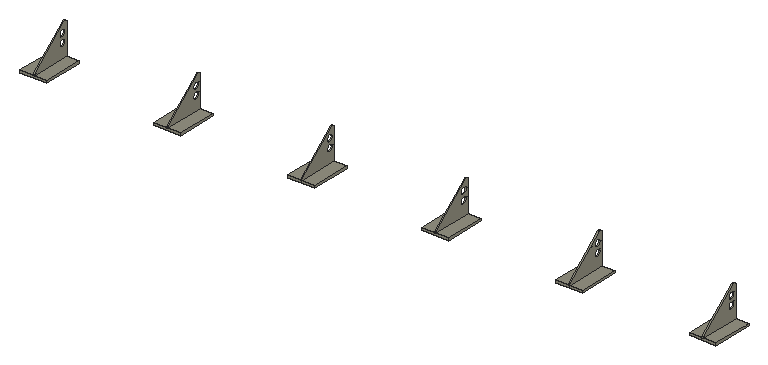
Revit family "Construction_Roof-Accessories_Alpine-SnowGuards_PP145", category Specialty Equipment, host Face, Revit 2019
Family settings
  Host = Face
  Round Connector Dimension = Use Diameter
  Part Type = Normal
  OmniClass Number = 23.35.20.31.27.14
  OmniClass Title = Snow Guards
  Cut with Voids When Loaded = No
  Shared = No
  Room Calculation Point = No
Parameters (values of type "Hi Hole")
  Z_Two Pipe = no
  Z_Two [instance] = Z_Length > Z_Horizontal Spacing  # yes
  Z_Three Pipe = no
  Z_Radius = 1/2"
  Z_One [instance] = not(Z_Array)  # no
  Z_Length [instance] = if(Length < Z_Horizontal Spacing, Z_Horizontal Spacing, Length)  # 100"
  Z_Horizontal Spacing [instance] = if(Horizontal Spacing < 2", 2", Horizontal Spacing)  # 20"
  Z_Hi Hole = yes
  Z_Array [instance] = and(Z_Length > Z_Horizontal Spacing * 2)  # yes
  URL = "https://www.alpinesnowguards.com/model/pp145?utm_source=bimobject&utm_medium=productlisting&utm_campaign=2022marketing"
  Snow Guard Count [instance] = if(Length < Horizontal Spacing, 1, if(and(Z_Length > Z_Horizontal Spacing, Z_Length < Z_Horizontal Spacing * 2), 2, Z_Number of Pads Control))  # 6
  Product data url = "https://www.bimobject.com/en-us/alpine-snowguards/product/pp125_two_or_three_pipe_snow_guard"
  Product Material = Alpine SnowGuards - Aluminium - Mill Finish
  Product Guid = "b3ae9e33-6d8b-4c7e-973e-2024b129b120"
  Z_Number of Pads Control [instance] = if(Z_Length / Z_Horizontal Spacing + 1 < 3, 3, rounddown(Z_Length / Z_Horizontal Spacing + 1))  # 6
  Pad Material = Alpine SnowGuards - Aluminium - Mill Finish
  Model = "PP145 - Hi Hole"
  Manufacturer = "Alpine SnowGuards"  # constant formula
  Length [instance] = 100"
  Keynote = "07720"
  Length Note [instance] = "To show a single SnowGuard set Length to 0"  # constant formula
  Horizontal Spacing = 20"
  Edition number = 1
  Description = "PP145 two or three, pipe-style snow guard bracket in aluminum. Includes 4 EPDM bushings and bonded washers for attachment."  # constant formula
  Default Elevation = 48"
  Assembly Code = "B3010"
Types (4): name | Z_Two Pipe | Z_Three Pipe | Z_Hi Hole | Product data url | Model
  (no name) | no | no | yes | "https://www.bimobject.com/en-us/alpine-snowguards/product/pp125_two_or_three_pipe_snow_guard" | "PP145 - Hi Hole"
  Two Pipe | yes | no | no | "https://www.bimobject.com/en-us/alpine-snowguards/product/pp145_two_or_three_pipe_snow_guard" | "PP145 - Two Pipe"
  Three Pipe | no | yes | no | "https://www.bimobject.com/en-us/alpine-snowguards/product/pp125_two_or_three_pipe_snow_guard" | "PP145 - Three Pipe"
  Hi Hole | no | no | yes | "https://www.bimobject.com/en-us/alpine-snowguards/product/pp125_two_or_three_pipe_snow_guard" | "PP145 - Hi Hole"
Reference planes (in)
  plane 1 "Center (Front/Back)": y = 0
  plane 2: z = 0
  plane 3 "Center (Left/Right)": x = 0
  plane 4: x = 100
  plane 5: z = 0
  plane 6: x = 20
Dimensions and locks (in)
  "Z_Length": plane 3 "Center (Left/Right)" to plane 4
  locked: plane 5 to plane 2 at 0
  "Z_Horizontal Spacing": plane 3 "Center (Left/Right)" to plane 6
  equal spacing: group 1, group 2, group 3, group 4, group 5, group 6  (x3)
  aligned and locked: host face to plane 2
  aligned and locked: level to host face
  aligned and locked: nested 1 to plane 1 "Center (Front/Back)"
  aligned and locked: nested 1 to plane 3 "Center (Left/Right)"
  aligned and locked: nested 2 to plane 6
  aligned and locked: nested 2 to plane 1 "Center (Front/Back)"
  aligned and locked: nested 4 to plane 1 "Center (Front/Back)"
  aligned and locked: nested 5 to plane 1 "Center (Front/Back)"
  aligned and locked: nested 4 to plane 3 "Center (Left/Right)"
  aligned and locked: nested 5 to plane 6
  aligned and locked: nested 1 to level
  aligned and locked: nested 4 to level
  aligned and locked: nested 5 to level
Automatic sketch dimensions
  host sketch curve to host sketch curve = 135.21334"
  host sketch curve to host sketch curve = 96"
Nested families (in)
  nested 1: "Construction_Roof-Accessories_Alpine-SnowGuards_Pad-PP145" at (0, -5.35561, -0.125) x (-1, 0, 0) z (0, 0, 1), Three Pipe <- "Z_Three Pipe", Two Pipe <- "Z_Two Pipe", Hi Hole <- "Z_Hi Hole", Pad Material <- "Pad Material", visible <- "Z_Array", type "Construction_Roof-Accessories_Alpine-SnowGuards_Pad-PP145"
    with Two Pipe no, Three Pipe no, Pad Material Alpine SnowGuards - Aluminium - Mill Finish, Hi Hole yes
  nested 2: "Construction_Roof-Accessories_Alpine-SnowGuards_Pad-PP145" at (20, -5.35561, -0.125) x (-1, 0, 0) z (0, 0, 1), Three Pipe <- "Z_Three Pipe", Two Pipe <- "Z_Two Pipe", Hi Hole <- "Z_Hi Hole", Pad Material <- "Pad Material", visible <- "Z_Array", type "Construction_Roof-Accessories_Alpine-SnowGuards_Pad-PP145"
    with Two Pipe no, Three Pipe no, Pad Material Alpine SnowGuards - Aluminium - Mill Finish, Hi Hole yes
  nested 3: "Construction_Roof-Accessories_Alpine-SnowGuards_Pad-PP145" at (40, -5.35561, -0.125) x (-1, 0, 0) z (0, 0, 1), Three Pipe <- "Z_Three Pipe", Two Pipe <- "Z_Two Pipe", Hi Hole <- "Z_Hi Hole", Pad Material <- "Pad Material", visible <- "Z_Array", type "Construction_Roof-Accessories_Alpine-SnowGuards_Pad-PP145"
    with Two Pipe no, Three Pipe no, Pad Material Alpine SnowGuards - Aluminium - Mill Finish, Hi Hole yes
  nested 4: "Construction_Roof-Accessories_Alpine-SnowGuards_Pad-PP145" at (0, -5.35561, -0.125) x (-1, 0, 0) z (0, 0, 1), Pad Material <- "Pad Material", visible <- "Z_One", Three Pipe <- "Z_Three Pipe", Two Pipe <- "Z_Two Pipe", Hi Hole <- "Z_Hi Hole", type "Construction_Roof-Accessories_Alpine-SnowGuards_Pad-PP145"
    with Two Pipe no, Three Pipe no, Pad Material Alpine SnowGuards - Aluminium - Mill Finish, Hi Hole yes
  nested 5: "Construction_Roof-Accessories_Alpine-SnowGuards_Pad-PP145" at (20, -5.35561, -0.125) x (-1, 0, 0) z (0, 0, 1), Pad Material <- "Pad Material", visible <- "Z_Two", Three Pipe <- "Z_Three Pipe", Two Pipe <- "Z_Two Pipe", Hi Hole <- "Z_Hi Hole", type "Construction_Roof-Accessories_Alpine-SnowGuards_Pad-PP145"
    with Two Pipe no, Three Pipe no, Pad Material Alpine SnowGuards - Aluminium - Mill Finish, Hi Hole yes
  nested 6: "Construction_Roof-Accessories_Alpine-SnowGuards_Pad-PP145" at (60, -5.35561, -0.125) x (-1, 0, 0) z (0, 0, 1), Three Pipe <- "Z_Three Pipe", Two Pipe <- "Z_Two Pipe", Hi Hole <- "Z_Hi Hole", Pad Material <- "Pad Material", visible <- "Z_Array", type "Construction_Roof-Accessories_Alpine-SnowGuards_Pad-PP145"
    with Two Pipe no, Three Pipe no, Pad Material Alpine SnowGuards - Aluminium - Mill Finish, Hi Hole yes
  nested 7: "Construction_Roof-Accessories_Alpine-SnowGuards_Pad-PP145" at (80, -5.35561, -0.125) x (-1, 0, 0) z (0, 0, 1), Three Pipe <- "Z_Three Pipe", Two Pipe <- "Z_Two Pipe", Hi Hole <- "Z_Hi Hole", Pad Material <- "Pad Material", visible <- "Z_Array", type "Construction_Roof-Accessories_Alpine-SnowGuards_Pad-PP145"
    with Two Pipe no, Three Pipe no, Pad Material Alpine SnowGuards - Aluminium - Mill Finish, Hi Hole yes
  nested 8: "Construction_Roof-Accessories_Alpine-SnowGuards_Pad-PP145" at (100, -5.35561, -0.125) x (-1, 0, 0) z (0, 0, 1), Three Pipe <- "Z_Three Pipe", Two Pipe <- "Z_Two Pipe", Hi Hole <- "Z_Hi Hole", Pad Material <- "Pad Material", visible <- "Z_Array", type "Construction_Roof-Accessories_Alpine-SnowGuards_Pad-PP145"
    with Two Pipe no, Three Pipe no, Pad Material Alpine SnowGuards - Aluminium - Mill Finish, Hi Hole yes
Definition of nested family "Construction_Roof-Accessories_Alpine-SnowGuards_Pad-PP145"
  Parameters (values of type "Construction_Roof-Accessories_Alpine-SnowGuards_Pad-PP145")
    Hi Hole [instance] = no
    Two Pipe [instance] = no
    Three Pipe [instance] = yes
    Pad Material [instance] = none
  Reference planes (in)
    plane 1 "Center (Front/Back)": y = 0
    plane 2: z = 0
    plane 3 "Center (Left/Right)": x = 0
    plane 4: y = -12
    plane 5: x = -3
    plane 6: x = 3
    plane 7: y = -6
    plane 8: y = -5.35561
  Forms (in)
    Extrusion 1, solid, material <- "Pad Material"
      sketch origin (0, 0, 0) x (1, 0, 0) y (0, 0, 1)
        loop
          line (-2, 0.4375) -> (-2, 0.125) -> (2, 0.125) -> (2, 0.4375) -> (-2, 0.4375)
      from 0.13728 to 6.13728
    Sweep 2, solid, material <- "Pad Material", visible <- "Two Pipe", detail levels fine
      path origin (0, 0, 0) x (1, 0, 0) y (0, 0, 1)
        loop
          line (-0.09375, 0.4375) -> (0.09375, 0.4375)
      profile origin (0, 0, 0.4375) x (0, 0, 1) y (0, -1, 0)
        loop
          arc (4.76605, 5.7273) -> (4.80032, 5.99336) -> (4.57394, 6.13728) r 0.25
          line (4.57394, 6.13728) -> (0, 6.13728) -> (0, 0.13728) -> (0.11115, 0.13728) -> (4.76605, 5.7273)
        loop
          circle (3.15625, 5.34534) r 0.53125
        loop
          circle (1.40625, 5.35561) r 0.53125
    Sweep 3, solid, material <- "Pad Material", visible <- "Three Pipe", detail levels fine
      path origin (0, 0, 0) x (1, 0, 0) y (0, 0, 1)
        loop
          line (-0.09375, 0.4375) -> (0.09375, 0.4375)
      profile origin (0, 0, 0.4375) x (0, 0, 1) y (0, -1, 0)
        loop
          arc (4.76605, 5.7273) -> (4.80032, 5.99336) -> (4.57394, 6.13728) r 0.25
          line (4.57394, 6.13728) -> (0, 6.13728) -> (0, 0.13728) -> (0.11115, 0.13728) -> (4.76605, 5.7273)
        loop
          circle (3.46875, 5.35561) r 0.53125
        loop
          circle (2.15625, 5.35561) r 0.53125
        loop
          circle (0.84375, 5.35561) r 0.53125
    Sweep 4, solid, material <- "Pad Material", visible <- "Hi Hole", detail levels fine
      path origin (0, 0, 0) x (1, 0, 0) y (0, 0, 1)
        loop
          line (-0.09375, 0.4375) -> (0.09375, 0.4375)
      profile origin (0, 0, 0.4375) x (0, 0, 1) y (0, -1, 0)
        loop
          arc (4.76605, 5.7273) -> (4.80032, 5.99336) -> (4.57394, 6.13728) r 0.25
          line (4.57394, 6.13728) -> (0, 6.13728) -> (0, 0.13728) -> (0.11115, 0.13728) -> (4.76605, 5.7273)
        loop
          circle (3.40625, 5.35561) r 0.53125
        loop
          circle (2.09375, 5.35561) r 0.53125
    Sweep 5, solid, material <- "Pad Material", visible <- "Hi Hole", detail levels coarse+medium
      path origin (0, 0, 0) x (1, 0, 0) y (0, 0, 1)
        loop
          line (-0.09375, 0.4375) -> (0.09375, 0.4375)
      profile origin (0, 0, 0.4375) x (0, 0, 1) y (0, -1, 0)
        loop
          arc (4.76605, 5.7273) -> (4.80032, 5.99336) -> (4.57394, 6.13728) r 0.25
          line (4.57394, 6.13728) -> (0, 6.13728) -> (0, 0.13728) -> (0.11115, 0.13728) -> (4.76605, 5.7273)
    Sweep 6, solid, material <- "Pad Material", visible <- "Two Pipe", detail levels coarse+medium
      path origin (0, 0, 0) x (1, 0, 0) y (0, 0, 1)
        loop
          line (-0.09375, 0.4375) -> (0.09375, 0.4375)
      profile origin (0, 0, 0.4375) x (0, 0, 1) y (0, -1, 0)
        loop
          arc (4.76605, 5.7273) -> (4.80032, 5.99336) -> (4.57394, 6.13728) r 0.25
          line (4.57394, 6.13728) -> (0, 6.13728) -> (0, 0.13728) -> (0.11115, 0.13728) -> (4.76605, 5.7273)
    Sweep 7, solid, material <- "Pad Material", visible <- "Three Pipe", detail levels coarse+medium
      path origin (0, 0, 0) x (1, 0, 0) y (0, 0, 1)
        loop
          line (-0.09375, 0.4375) -> (0.09375, 0.4375)
      profile origin (0, 0, 0.4375) x (0, 0, 1) y (0, -1, 0)
        loop
          arc (4.76605, 5.7273) -> (4.80032, 5.99336) -> (4.57394, 6.13728) r 0.25
          line (4.57394, 6.13728) -> (0, 6.13728) -> (0, 0.13728) -> (0.11115, 0.13728) -> (4.76605, 5.7273)
  Dimensions and locks (in)
    locked: plane 4 to plane 1 "Center (Front/Back)" at 12
    equal spacing: plane 5, plane 3 "Center (Left/Right)", plane 6
    plane 5 to plane 6 = 6"
    locked: plane 7 to plane 4 at 6
    locked: Extrusion 1 sketch curve to plane 2 at 0.125
    locked: Extrusion 1 sketch curve to Extrusion 1 sketch curve at 0.3125
    locked: Extrusion 1 sketch curve to plane 5 at 1
    locked: plane 6 to Extrusion 1 sketch curve at 1
    locked: plane 8 to plane 7 at 0.64439
    aligned and locked: level to plane 2
  Automatic sketch dimensions
    Sweep 2 sketch curve to plane 3 "Center (Left/Right)" = 3/32"
    plane 3 "Center (Left/Right)" to Sweep 2 sketch curve = 3/32"
    level to Sweep 2 sketch curve = 7/16"
    profile plane to Sweep 2 sketch curve = 0"
    Sweep 2 sketch curve to Sweep 2 sketch curve = 0.11115"
    Sweep 2 sketch curve to profile plane = 1 13/32"
    Sweep 2 sketch curve to Sweep 2 sketch curve = 1 3/4"
    Sweep 2 sketch curve to Sweep 2 sketch curve = 1.41769"
    Sweep 2 sketch curve to Sweep 2 sketch curve = 0.19211"
    plane 1 "Center (Front/Back)" to Sweep 2 sketch curve = 0.13728"
    plane 1 "Center (Front/Back)" to Sweep 2 sketch curve = 5.34534"
    Sweep 2 sketch curve to Sweep 2 sketch curve = 0.01027"
    Sweep 2 sketch curve to Sweep 2 sketch curve = 0.38196"
    Sweep 2 sketch curve to Sweep 2 sketch curve = 0.15998"
    Sweep 3 sketch curve to plane 3 "Center (Left/Right)" = 3/32"
    plane 3 "Center (Left/Right)" to Sweep 3 sketch curve = 3/32"
    level to Sweep 3 sketch curve = 7/16"
    profile plane to Sweep 3 sketch curve = 0"
    Sweep 3 sketch curve to profile plane = 0.11115"
    Sweep 3 sketch curve to profile plane = 27/32"
    Sweep 3 sketch curve to Sweep 3 sketch curve = 1 5/16"  (x2)
    Sweep 3 sketch curve to Sweep 3 sketch curve = 1.10519"
    Sweep 3 sketch curve to Sweep 3 sketch curve = 0.19211"
    plane 1 "Center (Front/Back)" to Sweep 3 sketch curve = 0.13728"
    plane 1 "Center (Front/Back)" to Sweep 3 sketch curve = 5.35561"
    Sweep 3 sketch curve to Sweep 3 sketch curve = 0"  (x2)
    Sweep 3 sketch curve to Sweep 3 sketch curve = 0.37169"
    Sweep 3 sketch curve to Sweep 3 sketch curve = 0.15998"
    Sweep 4 sketch curve to plane 3 "Center (Left/Right)" = 3/32"
    plane 3 "Center (Left/Right)" to Sweep 4 sketch curve = 3/32"
    level to Sweep 4 sketch curve = 7/16"
    profile plane to Sweep 4 sketch curve = 0"
    Sweep 4 sketch curve to profile plane = 0.11115"
    Sweep 4 sketch curve to profile plane = 2 3/32"
    Sweep 4 sketch curve to Sweep 4 sketch curve = 1 5/16"
    Sweep 4 sketch curve to Sweep 4 sketch curve = 1.16769"
    Sweep 4 sketch curve to Sweep 4 sketch curve = 0.19211"
    plane 1 "Center (Front/Back)" to Sweep 4 sketch curve = 0.13728"
    plane 1 "Center (Front/Back)" to Sweep 4 sketch curve = 5.35561"
    Sweep 4 sketch curve to Sweep 4 sketch curve = 0"
    Sweep 4 sketch curve to Sweep 4 sketch curve = 0.37169"
    Sweep 4 sketch curve to Sweep 4 sketch curve = 0.15998"
    Sweep 5 sketch curve to plane 3 "Center (Left/Right)" = 3/32"
    plane 3 "Center (Left/Right)" to Sweep 5 sketch curve = 3/32"
    level to Sweep 5 sketch curve = 7/16"
    profile plane to Sweep 5 sketch curve = 0"
    Sweep 5 sketch curve to profile plane = 0.11115"
    Sweep 5 sketch curve to profile plane = 4.57394"
    Sweep 5 sketch curve to Sweep 5 sketch curve = 0.19211"
    plane 1 "Center (Front/Back)" to Sweep 5 sketch curve = 0.13728"
    plane 1 "Center (Front/Back)" to Sweep 5 sketch curve = 5.7273"
    Sweep 5 sketch curve to Sweep 5 sketch curve = 0.15998"
    Sweep 6 sketch curve to plane 3 "Center (Left/Right)" = 3/32"
    plane 3 "Center (Left/Right)" to Sweep 6 sketch curve = 3/32"
    level to Sweep 6 sketch curve = 7/16"
    profile plane to Sweep 6 sketch curve = 0"
    Sweep 6 sketch curve to Sweep 6 sketch curve = 0.11115"
    Sweep 6 sketch curve to profile plane = 4.57394"
    Sweep 6 sketch curve to Sweep 6 sketch curve = 0.19211"
    plane 1 "Center (Front/Back)" to Sweep 6 sketch curve = 0.13728"
    plane 1 "Center (Front/Back)" to Sweep 6 sketch curve = 5.7273"
    Sweep 6 sketch curve to Sweep 6 sketch curve = 0.15998"
    Sweep 7 sketch curve to plane 3 "Center (Left/Right)" = 3/32"
    plane 3 "Center (Left/Right)" to Sweep 7 sketch curve = 3/32"
    level to Sweep 7 sketch curve = 7/16"
    profile plane to Sweep 7 sketch curve = 0"
    Sweep 7 sketch curve to profile plane = 0.11115"
    Sweep 7 sketch curve to Sweep 7 sketch curve = 0.19211"
    plane 1 "Center (Front/Back)" to Sweep 7 sketch curve = 0.13728"
    Sweep 7 sketch curve to Sweep 7 sketch curve = 0.15998"
    Sweep 7 sketch curve to profile plane = 4.57394"
    plane 1 "Center (Front/Back)" to Sweep 7 sketch curve = 5.7273"
    radius of Sweep 2 sketch curve = 17/32"  (x2)
    radius of Sweep 3 sketch curve = 17/32"  (x3)
    radius of Sweep 4 sketch curve = 17/32"  (x2)
